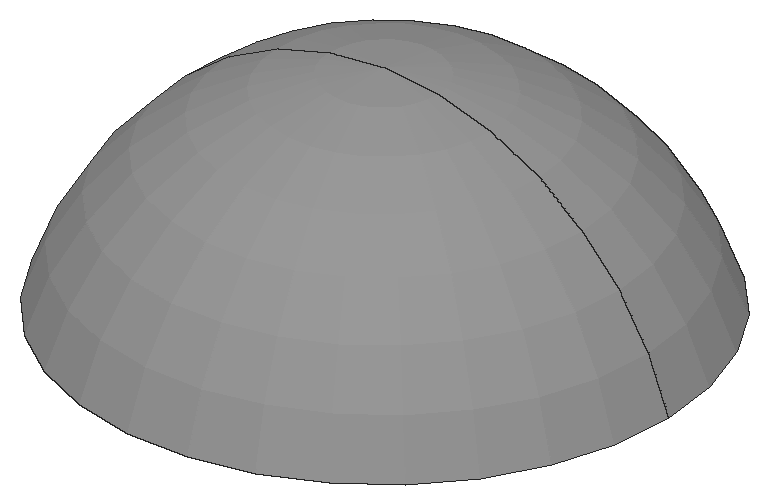
Revit family "Curved Walls Dome", category Generic Models, Revit 2016
Family settings
  Part Type = Normal
  Can host rebar = No
  Round Connector Dimension = Use Diameter
  Work Plane-Based = No
  Always vertical = Yes
  Cut with Voids When Loaded = No
  Shared = No
  Room Calculation Point = No
Parameters (values of type "1/2" Thk. x 4' W x 1'6" H")
  Width of Dome = 4' - 0"
  URL = "www.curvedwalls.ca"
  Thickness of GWB (1/2") = 0' - 0 1/2"
  Radius = (Height of Dome / 2) + ((Width of Dome ^ 2) / (8 * Height of Dome))  # 2' - 1"
  Manufacturer = "Curved Walls Inc"
  Height of Dome = 1' - 6"
  Height AFF = 5' - 0"
  Description = "Prefabricated Drywall Profiles"
Types (3): name | Width of Dome | Radius | Height of Dome
  (no name) | 4' - 0" | 2' - 1" | 1' - 6"
  1/2" Thk. x 10' W x 5' H | 10' - 0" | 5' - 0" | 5' - 0"
  1/2" Thk. x 4' W x 1'6" H | 4' - 0" | 2' - 1" | 1' - 6"
Reference planes (in)
  plane 1 "Center (Front/Back)": y = 0
  plane 2: z = 0
  plane 3 "Center (Left/Right)": x = 0
  plane 4: z = 60
  plane 5: z = 78
  plane 6: z = 53
  plane 7: x = -24
  plane 8: x = 24
Forms (in)
  Revolve 1, solid, material "Gypsum Wall Board - Curved Walls"
    sketch origin (0, 0, 0) x (1, 0, 0) y (0, 0, 1)
      loop
        line (0, 78) -> (0, 77.5204)
        arc (0, 77.5204) -> (14.65618, 72.65824) -> (23.5, 60) r 24.5204
        line (23.5, 60) -> (24, 60)
        arc (24, 60) -> (15, 73) -> (0, 78) r 25
      axis (0, 78) -> (0, 60)
    angle from 0 to 360
Dimensions and locks (in)
  "Height AFF": plane 4 to level
  "Radius": plane 5 to plane 6
  "Height of Dome": plane 5 to plane 4
  equal spacing: plane 7, plane 3 "Center (Left/Right)", plane 8
  "Width of Dome": plane 7 to plane 8
  "Thickness of GWB (1/2")": Revolve 1 sketch curve to plane 8
  "Radius": radius of Revolve 1 sketch curve
  aligned and locked: plane 2 to level
  aligned and locked: Revolve 1 sketch curve to plane 3 "Center (Left/Right)"  (x2)
  aligned and locked: plane 6 to Revolve 1 sketch curve  (x2)
  aligned and locked: plane 3 "Center (Left/Right)" to Revolve 1 sketch curve  (x2)
  aligned and locked: Revolve 1 sketch curve to plane 4
  aligned and locked: plane 4 to Revolve 1 sketch curve
Automatic sketch dimensions
  Revolve 1 sketch curve to level = 2' - 0"
  Revolve 1 sketch curve to plane 4 = 0' - 1.4852"
